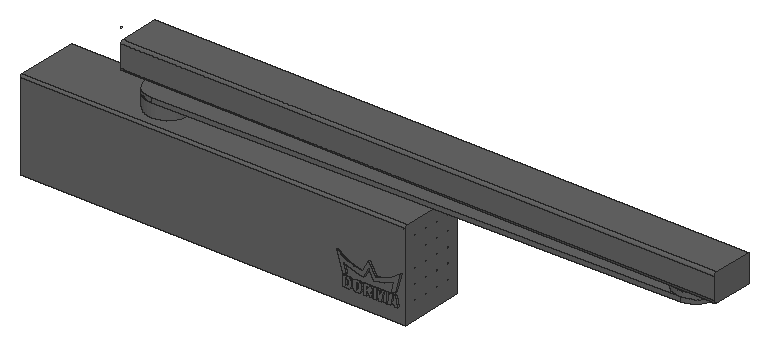
Revit family "DORMA TS 92 EN 2-4", category Specialty Equipment, Revit 2012
Parameters (values of type "TS 92")
  URL = "http://www.dorma-uk.co.uk/prod/door_controls/1_door_closers/1_cam_action_closers_with_slide_channel/ts93/(code)/product_overview/(parent)/21785"
  Model = "TS 92 EN 2-4"
  Manufacturer = "DORMA"
  Description = "DORMA TS 92 Door closer"
  BTS 80 width = 105.137 mm
  BTS 80 length = 358.068 mm
  BTS 75 width = 105.137 mm
  BTS 75 Length = 308.068 mm
Types (5, lengths in mm): name | Model | Description
  (no name) | "TS 92 EN 2-4" | "DORMA TS 92 Door closer"
  BTS 75 | "TS 93 EN 2-5" | "DORMA TS 93 Door closer"
  TS 93 | "TS 91 EN 3" | "DORMA TS 91 Door closer"
  TS 91 | "TS 92 EN 2-4" | "DORMA TS 92 Door closer"
  TS 92 | "TS 92 EN 2-4" | "DORMA TS 92 Door closer"
Reference planes
  plane 1 "Center (Front/Back)": y = 0
  plane 2: z = 0
  plane 3 "Center (Left/Right)": x = 0
Forms (mm)
  Revolve 1, solid, not visible
    sketch origin (-7.512, -64.815, 51.25) x (1, 0, 0) y (0, 1, 0)
      loop
        arc (7.688, 110.462) -> (7.273, 110.047) -> (7.688, 109.633) r 0.415
        line (7.688, 109.633) -> (7.688, 110.462)
      axis (7.688, 110.462) -> (7.688, 109.462)
    angle from 0 to 360
  Sweep 2, solid, material "Door Closer"
    path origin (-4, -53, -3) x (1, 0, 0) y (0, 1, 0)
      loop
        line (65, 53) -> (500, 53)
    profile origin (278.5, 0, -3) x (0, 1, 0) y (0, 0, 1)
      loop
        line (0, 100) -> (-28.954, 100)
        arc (-28.954, 100) -> (-30.401, 99.401) -> (-31, 97.954) r 2.046
        line (-31, 97.954) -> (-31, 82.001)
        arc (-31, 82.001) -> (-30.414, 80.586) -> (-28.999, 80) r 2.001
        line (-28.999, 80) -> (0, 80) -> (0, 100)
  Extrusion 3, solid, material "Door Closer"
    sketch origin (423.887, 18.75, 152.543) x (0, 0, -1) y (1, 0, 0)
      loop
        line (124.578, -190.96) -> (138.402, -187.017) -> (138.402, -184.12) -> (131.626, -186.063)
        arc (131.626, -186.063) -> (134.035, -180.357) -> (135.537, -174.348) r 40.09
        arc (135.537, -174.348) -> (135.76, -172.856) -> (135.927, -171.357) r 40.09
        line (135.927, -171.357) -> (129.53, -167.663) -> (135.927, -163.97)
        arc (135.927, -163.97) -> (134.486, -156.41) -> (131.626, -149.264) r 40.09
        line (131.626, -149.264) -> (138.402, -151.207) -> (138.402, -148.31) -> (124.578, -144.367)
        arc (124.578, -144.367) -> (129.83, -152.999) -> (132.541, -162.732) r 36.864
        line (132.541, -162.732) -> (124, -167.663) -> (132.541, -172.595)
        arc (132.541, -172.595) -> (129.83, -182.328) -> (124.578, -190.96) r 36.864
      loop
        line (139.784, -148.053) -> (139.784, -152.343) -> (147.461, -154.149) -> (147.461, -151.44) -> (146.106, -151.196) -> (146.106, -149.2) -> (147.461, -148.956) -> (147.461, -146.247) -> (139.784, -148.053)
      loop
        line (144.752, -150.952) -> (144.752, -149.444) -> (140.562, -150.198) -> (144.752, -150.952)
      loop
        line (139.784, -154.601) -> (139.784, -158.214) -> (144.916, -159.343) -> (139.784, -160.472) -> (139.784, -164.084) -> (147.461, -164.084) -> (147.461, -161.826) -> (140.79, -161.826) -> (147.461, -160.359) -> (147.461, -158.327) -> (140.79, -156.859) -> (147.461, -156.859) -> (147.461, -154.601) -> (139.784, -154.601)
      loop
        arc (144.227, -166.676) -> (141.755, -165.006) -> (139.784, -167.245) r 2.258
        line (139.784, -167.245) -> (139.784, -171.761) -> (147.461, -171.761) -> (147.461, -169.503) -> (144.453, -169.503) -> (144.453, -168.674) -> (147.461, -167.471) -> (147.461, -164.987) -> (144.227, -166.676)
      loop
        line (142.889, -169.503) -> (142.889, -168.462)
        arc (142.889, -168.462) -> (142.634, -167.894) -> (142.042, -167.701) r 0.768
        arc (142.042, -167.701) -> (141.449, -167.894) -> (141.195, -168.465) r 0.768
        line (141.195, -168.465) -> (141.195, -169.503) -> (142.889, -169.503)
      loop
        arc (142.494, -172.664) -> (140.578, -173.457) -> (139.784, -175.372) r 2.71
        line (139.784, -175.372) -> (139.784, -176.725)
        arc (139.784, -176.725) -> (140.577, -178.643) -> (142.494, -179.438) r 2.71
        line (142.494, -179.438) -> (144.752, -179.438)
        arc (144.752, -179.438) -> (146.668, -178.645) -> (147.461, -176.729) r 2.71
        line (147.461, -176.729) -> (147.461, -175.374)
        arc (147.461, -175.374) -> (146.668, -173.458) -> (144.752, -172.664) r 2.709
        line (144.752, -172.664) -> (142.494, -172.664)
      loop
        arc (142.133, -175.205) -> (141.563, -175.458) -> (141.369, -176.051) r 0.768
        arc (141.369, -176.051) -> (141.563, -176.645) -> (142.133, -176.898) r 0.768
        line (142.133, -176.898) -> (145.112, -176.898)
        arc (145.112, -176.898) -> (145.683, -176.645) -> (145.876, -176.051) r 0.768
        arc (145.876, -176.051) -> (145.681, -175.456) -> (145.106, -175.205) r 0.768
        line (145.106, -175.205) -> (142.133, -175.205)
      loop
        line (147.461, -186.889) -> (147.461, -182.825)
        arc (147.461, -182.825) -> (146.734, -181.069) -> (144.977, -180.341) r 2.484
        line (144.977, -180.341) -> (142.27, -180.341)
        arc (142.27, -180.341) -> (140.511, -181.07) -> (139.784, -182.829) r 2.484
        line (139.784, -182.829) -> (139.784, -186.889) -> (147.461, -186.889)
      loop
        arc (141.931, -182.825) -> (141.531, -182.991) -> (141.365, -183.391) r 0.566
        line (141.365, -183.391) -> (141.365, -184.406) -> (145.881, -184.406) -> (145.881, -183.425)
        arc (145.881, -183.425) -> (145.705, -183.001) -> (145.28, -182.825) r 0.6
        line (145.28, -182.825) -> (141.931, -182.825)
    from 65 to 66.5
  Sweep 4, solid, material "Door Closer"
    path origin (-4, -47, 0) x (1, 0, 0) y (0, 1, 0)
      loop
        line (4, 53) -> (286.493, 53)
    profile origin (141.247, 6, 0) x (0, 1, 0) y (0, 0, 1)
      loop
        line (-6, -5) -> (-6, 60) -> (-51.208, 60)
        arc (-51.208, 60) -> (-52.475, 59.475) -> (-53, 58.208) r 1.792
        line (-53, 58.208) -> (-53, -5) -> (-6, -5)
  Extrusion 5, solid, material "Door Closer"
    sketch origin (-1.544, -62.368, 70) x (0.999804, 0.01978, 0) y (-0.01978, 0.999804, 0)
      loop
        arc (91.61, 53) -> (76.11, 37.5) -> (91.61, 22) r 15.5
        line (91.61, 22) -> (473.11, 22)
        arc (473.11, 22) -> (488.61, 37.5) -> (473.11, 53) r 15.5
        line (473.11, 53) -> (91.61, 53)
    from 0 to 3
  Extrusion 6, solid, material "Door Closer"
    sketch origin (-2.417, -53, 0) x (1, 0, 0) y (0, 1, 0)
      loop
        circle (91.723, 29.937) r 15.5
    from 60 to 70
  Extrusion 7, solid, material "Door Closer"
    sketch origin (379.009, -45.454, 0) x (1, 0, 0) y (0, 1, 0)
      loop
        circle (91.723, 29.937) r 15.5
    from 73 to 77
  Revolve 8, solid
    sketch origin (-7.668, -108.85, 51.25) x (1, 0, 0) y (0, 1, 0)
      loop
        arc (7.688, 70.462) -> (7.273, 70.047) -> (7.688, 69.633) r 0.415
        line (7.688, 69.633) -> (7.688, 70.462)
      axis (7.688, 70.462) -> (7.688, 69.462)
    angle from 0 to 360
  Revolve 9, solid
    sketch origin (-7.668, -138.85, 51.25) x (1, 0, 0) y (0, 1, 0)
      loop
        arc (7.688, 130.462) -> (7.273, 130.047) -> (7.688, 129.633) r 0.415
        line (7.688, 129.633) -> (7.688, 130.462)
      axis (7.688, 130.462) -> (7.688, 129.462)
    angle from 0 to 360
  Revolve 10, solid
    sketch origin (-7.668, -118.85, 51.25) x (1, 0, 0) y (0, 1, 0)
      loop
        arc (7.688, 90.462) -> (7.273, 90.047) -> (7.688, 89.633) r 0.415
        line (7.688, 89.633) -> (7.688, 90.462)
      axis (7.688, 90.462) -> (7.688, 89.462)
    angle from 0 to 360
  Revolve 11, solid
    sketch origin (-7.668, -128.85, 51.25) x (1, 0, 0) y (0, 1, 0)
      loop
        arc (7.688, 110.462) -> (7.273, 110.047) -> (7.688, 109.633) r 0.415
        line (7.688, 109.633) -> (7.688, 110.462)
      axis (7.688, 110.462) -> (7.688, 109.462)
    angle from 0 to 360
  Revolve 12, solid
    sketch origin (-7.668, -108.85, 8.482) x (1, 0, 0) y (0, 1, 0)
      loop
        arc (7.688, 70.462) -> (7.273, 70.047) -> (7.688, 69.633) r 0.415
        line (7.688, 69.633) -> (7.688, 70.462)
      axis (7.688, 70.462) -> (7.688, 69.462)
    angle from 0 to 360
  Revolve 13, solid
    sketch origin (-7.668, -138.85, 8.482) x (1, 0, 0) y (0, 1, 0)
      loop
        arc (7.688, 130.462) -> (7.273, 130.047) -> (7.688, 129.633) r 0.415
        line (7.688, 129.633) -> (7.688, 130.462)
      axis (7.688, 130.462) -> (7.688, 129.462)
    angle from 0 to 360
  Revolve 14, solid
    sketch origin (-7.668, -118.85, 8.482) x (1, 0, 0) y (0, 1, 0)
      loop
        arc (7.688, 90.462) -> (7.273, 90.047) -> (7.688, 89.633) r 0.415
        line (7.688, 89.633) -> (7.688, 90.462)
      axis (7.688, 90.462) -> (7.688, 89.462)
    angle from 0 to 360
  Revolve 15, solid
    sketch origin (-7.668, -128.85, 8.482) x (1, 0, 0) y (0, 1, 0)
      loop
        arc (7.688, 110.462) -> (7.273, 110.047) -> (7.688, 109.633) r 0.415
        line (7.688, 109.633) -> (7.688, 110.462)
      axis (7.688, 110.462) -> (7.688, 109.462)
    angle from 0 to 360
  Revolve 16, solid
    sketch origin (-7.668, -108.85, 40.558) x (1, 0, 0) y (0, 1, 0)
      loop
        arc (7.688, 70.462) -> (7.273, 70.047) -> (7.688, 69.633) r 0.415
        line (7.688, 69.633) -> (7.688, 70.462)
      axis (7.688, 70.462) -> (7.688, 69.462)
    angle from 0 to 360
  Revolve 17, solid
    sketch origin (-7.668, -138.85, 40.558) x (1, 0, 0) y (0, 1, 0)
      loop
        arc (7.688, 130.462) -> (7.273, 130.047) -> (7.688, 129.633) r 0.415
        line (7.688, 129.633) -> (7.688, 130.462)
      axis (7.688, 130.462) -> (7.688, 129.462)
    angle from 0 to 360
  Revolve 18, solid
    sketch origin (-7.668, -118.85, 40.558) x (1, 0, 0) y (0, 1, 0)
      loop
        arc (7.688, 90.462) -> (7.273, 90.047) -> (7.688, 89.633) r 0.415
        line (7.688, 89.633) -> (7.688, 90.462)
      axis (7.688, 90.462) -> (7.688, 89.462)
    angle from 0 to 360
  Revolve 19, solid
    sketch origin (-7.668, -128.85, 40.558) x (1, 0, 0) y (0, 1, 0)
      loop
        arc (7.688, 110.462) -> (7.273, 110.047) -> (7.688, 109.633) r 0.415
        line (7.688, 109.633) -> (7.688, 110.462)
      axis (7.688, 110.462) -> (7.688, 109.462)
    angle from 0 to 360
  Revolve 20, solid
    sketch origin (-7.668, -108.85, 29.866) x (1, 0, 0) y (0, 1, 0)
      loop
        arc (7.688, 70.462) -> (7.273, 70.047) -> (7.688, 69.633) r 0.415
        line (7.688, 69.633) -> (7.688, 70.462)
      axis (7.688, 70.462) -> (7.688, 69.462)
    angle from 0 to 360
  Revolve 21, solid
    sketch origin (-7.668, -138.85, 29.866) x (1, 0, 0) y (0, 1, 0)
      loop
        arc (7.688, 130.462) -> (7.273, 130.047) -> (7.688, 129.633) r 0.415
        line (7.688, 129.633) -> (7.688, 130.462)
      axis (7.688, 130.462) -> (7.688, 129.462)
    angle from 0 to 360
  Revolve 22, solid
    sketch origin (-7.668, -118.85, 29.866) x (1, 0, 0) y (0, 1, 0)
      loop
        arc (7.688, 90.462) -> (7.273, 90.047) -> (7.688, 89.633) r 0.415
        line (7.688, 89.633) -> (7.688, 90.462)
      axis (7.688, 90.462) -> (7.688, 89.462)
    angle from 0 to 360
  Revolve 23, solid
    sketch origin (-7.668, -128.85, 29.866) x (1, 0, 0) y (0, 1, 0)
      loop
        arc (7.688, 110.462) -> (7.273, 110.047) -> (7.688, 109.633) r 0.415
        line (7.688, 109.633) -> (7.688, 110.462)
      axis (7.688, 110.462) -> (7.688, 109.462)
    angle from 0 to 360
  Revolve 24, solid
    sketch origin (290.041, 2.85, 19.174) x (-1, 0, 0) y (0, -1, 0)
      loop
        arc (290.021, 41.237) -> (290.436, 41.652) -> (290.021, 42.066) r 0.415
        line (290.021, 42.066) -> (290.021, 41.237)
      axis (290.021, 41.237) -> (290.021, 42.237)
    angle from 0 to 360
  Revolve 25, solid
    sketch origin (290.041, 32.85, 19.174) x (-1, 0, 0) y (0, -1, 0)
      loop
        arc (290.021, 41.237) -> (290.436, 41.652) -> (290.021, 42.066) r 0.415
        line (290.021, 42.066) -> (290.021, 41.237)
      axis (290.021, 41.237) -> (290.021, 42.237)
    angle from 0 to 360
  Revolve 26, solid
    sketch origin (290.041, 12.85, 19.174) x (-1, 0, 0) y (0, -1, 0)
      loop
        arc (290.021, 41.237) -> (290.436, 41.652) -> (290.021, 42.066) r 0.415
        line (290.021, 42.066) -> (290.021, 41.237)
      axis (290.021, 41.237) -> (290.021, 42.237)
    angle from 0 to 360
  Revolve 27, solid
    sketch origin (290.041, 22.85, 19.174) x (-1, 0, 0) y (0, -1, 0)
      loop
        arc (290.021, 41.237) -> (290.436, 41.652) -> (290.021, 42.066) r 0.415
        line (290.021, 42.066) -> (290.021, 41.237)
      axis (290.021, 41.237) -> (290.021, 42.237)
    angle from 0 to 360
  Revolve 28, solid
    sketch origin (290.041, 2.85, 51.25) x (-1, 0, 0) y (0, -1, 0)
      loop
        line (7.688, 41.237) -> (7.688, 42.066)
        arc (7.688, 42.066) -> (7.273, 41.652) -> (7.688, 41.237) r 0.415
      axis (7.688, 41.237) -> (7.688, 42.237)
    angle from 0 to 360
  Revolve 29, solid
    sketch origin (290.041, 32.85, 51.25) x (-1, 0, 0) y (0, -1, 0)
      loop
        line (7.688, 41.237) -> (7.688, 42.066)
        arc (7.688, 42.066) -> (7.273, 41.652) -> (7.688, 41.237) r 0.415
      axis (7.688, 41.237) -> (7.688, 42.237)
    angle from 0 to 360
  Revolve 30, solid
    sketch origin (290.041, 12.85, 51.25) x (-1, 0, 0) y (0, -1, 0)
      loop
        line (7.688, 41.237) -> (7.688, 42.066)
        arc (7.688, 42.066) -> (7.273, 41.652) -> (7.688, 41.237) r 0.415
      axis (7.688, 41.237) -> (7.688, 42.237)
    angle from 0 to 360
  Revolve 31, solid
    sketch origin (290.041, 22.85, 51.25) x (-1, 0, 0) y (0, -1, 0)
      loop
        line (7.688, 41.237) -> (7.688, 42.066)
        arc (7.688, 42.066) -> (7.273, 41.652) -> (7.688, 41.237) r 0.415
      axis (7.688, 41.237) -> (7.688, 42.237)
    angle from 0 to 360
  Revolve 32, solid
    sketch origin (290.041, 2.85, 8.482) x (-1, 0, 0) y (0, -1, 0)
      loop
        line (7.688, 41.237) -> (7.688, 42.066)
        arc (7.688, 42.066) -> (7.273, 41.652) -> (7.688, 41.237) r 0.415
      axis (7.688, 41.237) -> (7.688, 42.237)
    angle from 0 to 360
  Revolve 33, solid
    sketch origin (290.041, 32.85, 8.482) x (-1, 0, 0) y (0, -1, 0)
      loop
        line (7.688, 41.237) -> (7.688, 42.066)
        arc (7.688, 42.066) -> (7.273, 41.652) -> (7.688, 41.237) r 0.415
      axis (7.688, 41.237) -> (7.688, 42.237)
    angle from 0 to 360
  Revolve 34, solid
    sketch origin (290.041, 12.85, 8.482) x (-1, 0, 0) y (0, -1, 0)
      loop
        line (7.688, 41.237) -> (7.688, 42.066)
        arc (7.688, 42.066) -> (7.273, 41.652) -> (7.688, 41.237) r 0.415
      axis (7.688, 41.237) -> (7.688, 42.237)
    angle from 0 to 360
  Revolve 35, solid
    sketch origin (290.041, 22.85, 8.482) x (-1, 0, 0) y (0, -1, 0)
      loop
        line (7.688, 41.237) -> (7.688, 42.066)
        arc (7.688, 42.066) -> (7.273, 41.652) -> (7.688, 41.237) r 0.415
      axis (7.688, 41.237) -> (7.688, 42.237)
    angle from 0 to 360
  Revolve 36, solid
    sketch origin (290.041, 2.85, 40.558) x (-1, 0, 0) y (0, -1, 0)
      loop
        line (7.688, 41.237) -> (7.688, 42.066)
        arc (7.688, 42.066) -> (7.273, 41.652) -> (7.688, 41.237) r 0.415
      axis (7.688, 41.237) -> (7.688, 42.237)
    angle from 0 to 360
  Revolve 37, solid
    sketch origin (290.041, 32.85, 40.558) x (-1, 0, 0) y (0, -1, 0)
      loop
        line (7.688, 41.237) -> (7.688, 42.066)
        arc (7.688, 42.066) -> (7.273, 41.652) -> (7.688, 41.237) r 0.415
      axis (7.688, 41.237) -> (7.688, 42.237)
    angle from 0 to 360
  Revolve 38, solid
    sketch origin (290.041, 12.85, 40.558) x (-1, 0, 0) y (0, -1, 0)
      loop
        line (7.688, 41.237) -> (7.688, 42.066)
        arc (7.688, 42.066) -> (7.273, 41.652) -> (7.688, 41.237) r 0.415
      axis (7.688, 41.237) -> (7.688, 42.237)
    angle from 0 to 360
  Revolve 39, solid
    sketch origin (290.041, 22.85, 40.558) x (-1, 0, 0) y (0, -1, 0)
      loop
        line (7.688, 41.237) -> (7.688, 42.066)
        arc (7.688, 42.066) -> (7.273, 41.652) -> (7.688, 41.237) r 0.415
      axis (7.688, 41.237) -> (7.688, 42.237)
    angle from 0 to 360
  Revolve 40, solid
    sketch origin (290.041, 2.85, 29.866) x (-1, 0, 0) y (0, -1, 0)
      loop
        line (7.688, 41.237) -> (7.688, 42.066)
        arc (7.688, 42.066) -> (7.273, 41.652) -> (7.688, 41.237) r 0.415
      axis (7.688, 41.237) -> (7.688, 42.237)
    angle from 0 to 360
  Revolve 41, solid
    sketch origin (290.041, 32.85, 29.866) x (-1, 0, 0) y (0, -1, 0)
      loop
        line (7.688, 41.237) -> (7.688, 42.066)
        arc (7.688, 42.066) -> (7.273, 41.652) -> (7.688, 41.237) r 0.415
      axis (7.688, 41.237) -> (7.688, 42.237)
    angle from 0 to 360
  Revolve 42, solid
    sketch origin (290.041, 12.85, 29.866) x (-1, 0, 0) y (0, -1, 0)
      loop
        line (7.688, 41.237) -> (7.688, 42.066)
        arc (7.688, 42.066) -> (7.273, 41.652) -> (7.688, 41.237) r 0.415
      axis (7.688, 41.237) -> (7.688, 42.237)
    angle from 0 to 360
  Revolve 43, solid
    sketch origin (290.041, 22.85, 29.866) x (-1, 0, 0) y (0, -1, 0)
      loop
        line (7.688, 41.237) -> (7.688, 42.066)
        arc (7.688, 42.066) -> (7.273, 41.652) -> (7.688, 41.237) r 0.415
      axis (7.688, 41.237) -> (7.688, 42.237)
    angle from 0 to 360
  Revolve 44, solid
    sketch origin (290.041, 2.85, 19.174) x (-1, 0, 0) y (0, -1, 0)
      loop
        line (7.688, 41.237) -> (7.688, 42.066)
        arc (7.688, 42.066) -> (7.273, 41.652) -> (7.688, 41.237) r 0.415
      axis (7.688, 41.237) -> (7.688, 42.237)
    angle from 0 to 360
  Revolve 45, solid
    sketch origin (290.041, 32.85, 19.174) x (-1, 0, 0) y (0, -1, 0)
      loop
        line (7.688, 41.237) -> (7.688, 42.066)
        arc (7.688, 42.066) -> (7.273, 41.652) -> (7.688, 41.237) r 0.415
      axis (7.688, 41.237) -> (7.688, 42.237)
    angle from 0 to 360
  Revolve 46, solid
    sketch origin (290.041, 12.85, 19.174) x (-1, 0, 0) y (0, -1, 0)
      loop
        line (7.688, 41.237) -> (7.688, 42.066)
        arc (7.688, 42.066) -> (7.273, 41.652) -> (7.688, 41.237) r 0.415
      axis (7.688, 41.237) -> (7.688, 42.237)
    angle from 0 to 360
  Revolve 47, solid
    sketch origin (290.041, 22.85, 19.174) x (-1, 0, 0) y (0, -1, 0)
      loop
        line (7.688, 41.237) -> (7.688, 42.066)
        arc (7.688, 42.066) -> (7.273, 41.652) -> (7.688, 41.237) r 0.415
      axis (7.688, 41.237) -> (7.688, 42.237)
    angle from 0 to 360
Dimensions and locks
  equal spacing: group 2, group 4, group 5, group 3  (x3)
  equal spacing: group 7, group 9, group 10, group 8  (x3)
  equal spacing: group 6, group 16, group 21, group 26, group 11  (x2)
  equal spacing: group 11, group 26, group 21, group 16, group 6
  equal spacing: group 12, group 14, group 15, group 13  (x3)
  equal spacing: group 17, group 19, group 20, group 18  (x3)
  equal spacing: group 22, group 24, group 25, group 23  (x3)
  equal spacing: group 27, group 29, group 30, group 28  (x3)
  equal spacing: group 32, group 34, group 35, group 33  (x3)
  equal spacing: group 37, group 39, group 40, group 38  (x3)
  equal spacing: group 42, group 44, group 45, group 43  (x3)
  equal spacing: group 47, group 49, group 50, group 48  (x3)
  aligned and locked: plane 2 to level
